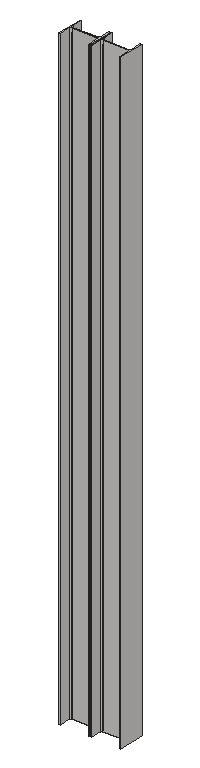
Revit family "Pilar_Aco_Dup_Dir", category Structural Columns, Revit 2025
Family settings
  Section Shape = Not Defined
  Material for Model Behavior = Other
  Always export as geometry = No
  Beam cutback in plan = From bounding box
  OmniClass Number = 23.25.30.11.14.11
  OmniClass Title = Columns
  Cut with Voids When Loaded = No
  Symbolic Representation = From Family
  Shared = No
  Show family pre-cut in plan views = Yes
Parameters
  Structural Material [instance] = Aço, 45-345
  Depth = 500 mm
  Width = 500 mm
Reference planes
  plane 1 "Center (Front/Back)": y = 0
  plane 2: z = 0
  plane 3 "Center (Left/Right)": x = 0
Dimensions and locks
  aligned and locked: level to plane 2
  aligned and locked: nested 1 to level  (x3)
  aligned and locked: level to nested 1
  aligned and locked: nested 2 to level  (x3)
  aligned and locked: level to nested 2
  aligned and locked: nested 2 to nested 1
Nested families
  nested 1: "Pilares W Gerdau" at (301.5, 0, 0) x (0, -1, 0) z (0, 0, 1), Structural Material <- "Structural Material", type "W610X217"
    with pm 217, Structural Material Aço, 45-345, pt 868000 mm, compr 4000 mm, Comprimento 4000 mm
  nested 2: "Pilares W Gerdau" at (100.5, 0, 0) x (0, -1, 0) z (0, 0, 1), Structural Material <- "Structural Material", type "W610X217"
    with pm 217, Structural Material Aço, 45-345, pt 868000 mm, compr 4000 mm, Comprimento 4000 mm
Definition of nested family "Pilares W Gerdau"
  Parameters (values of type "W200X35.9")
    tipo = "200x35.9"
    tip_secao = "W"
    tag = ""
    pt [instance] = compr * pm  # 89750 mm
    pm [instance] = Peso Nominal  # 35.9
    nome = "W200x35.9"
    material = "AÇO ASTM A572 - GR50"
    compr [instance] = Comprimento  # 2500 mm
    Peso Nominal = 35.9
    Width = 165 mm
    Web Thickness = 6.22 mm
    Web Fillet = 10 mm
    Warping Constant = 0.0000868 (stored number, unit not read)
    Torsional Moment of Inertia = 14.40 cm⁴
    Structural Material [instance] = none
    Comprimento [instance] = 2500 mm
    Section Name Key = "W8x24"
    Section Area = 45.7 cm²
    Plastic Modulus weak axis = 140.0 cm³
    Plastic Modulus strong axis = 379.0 cm³
    Perimeter = 3.3793 (stored number, unit not read)
    Nominal Weight = 35.8999 kgf/m
    Moment of Inertia weak axis = 762.00 cm⁴
    Moment of Inertia strong axis = 3440.00 cm⁴
    Height = 201 mm
    Flange Thickness = 10.2 mm
    Elastic Modulus weak axis = 92.3 cm³
    Elastic Modulus strong axis = 342.0 cm³
    Centroid Vertical = Height / 2  # 10.05 cm
    Centroid Horizontal = Width / 2  # 8.25 cm
    Assembly Code = ""
  Types (102, lengths in mm): name | tipo | pt | pm | nome | Peso Nominal | Width | Web Thickness | Web Fillet | Warping Constant | Torsional Moment of Inertia | Section Name Key | Section Area | Plastic Modulus weak axis | Plastic Modulus strong axis | Perimeter | Nominal Weight | Moment of Inertia weak axis | Moment of Inertia strong axis | Height | Flange Thickness | Elastic Modulus weak axis | Elastic Modulus strong axis | Centroid Vertical | Centroid Horizontal
    W200X35.9 | "200x35.9" | 89750 | 35.9 | "W200x35.9" | 35.9 | 165 | 6.22 | 10 | 0.0000868 (stored number, unit not read) | 14.40 cm⁴ | "W8x24" | 45.7 cm² | 140.0 cm³ | 379.0 cm³ | 3.3793 (stored number, unit not read) | 35.8999 kgf/m | 762.00 cm⁴ | 3440.00 cm⁴ | 201 | 10.2 | 92.3 cm³ | 342.0 cm³ | 10.05 cm | 8.25 cm
    W610X82 | "610x82" | 205000 | 82 | "W610x82" | 82 | 178 | 10 | 12.9 | 0.001297 (stored number, unit not read) | 49.10 cm⁴ | "W24x55" | 105.0 cm² | 218.0 cm³ | 2200.0 cm³ | 6.1352 (stored number, unit not read) | 81.9997 kgf/m | 1210.00 cm⁴ | 56200.00 cm⁴ | 599 | 12.8 | 136.0 cm³ | 1870.0 cm³ | 29.95 cm | 8.9 cm
    W610X92 | "610x92" | 230000 | 92 | "W610x92" | 92 | 179 | 10.9 | 12.7 | 0.0015464 (stored number, unit not read) | 71.20 cm⁴ | "W24x62" | 117.0 cm² | 257.0 cm³ | 2510.0 cm³ | 6.1352 (stored number, unit not read) | 91.9997 kgf/m | 1440.00 cm⁴ | 64500.00 cm⁴ | 602 | 15 | 161.0 cm³ | 2150.0 cm³ | 30.1 cm | 8.95 cm
    W610X101 | "610x101" | 252500 | 101 | "W610x101" | 101 | 228 | 10.5 | 12.8 | 0.0031552 (stored number, unit not read) | 77.80 cm⁴ | "W24x68" | 130.0 cm² | 401.0 cm³ | 2900.0 cm³ | 6.7913 (stored number, unit not read) | 101.00 kgf/m | 2930.00 cm⁴ | 76200.00 cm⁴ | 602 | 14.9 | 257.0 cm³ | 2520.0 cm³ | 30.1 cm | 11.4 cm
    W610X113 | "610x113" | 282500 | 113 | "W610x113" | 113 | 228 | 11.2 | 12.7 | 0.0037164 (stored number, unit not read) | 112.00 cm⁴ | "W24x76" | 145.0 cm² | 469.0 cm³ | 3280.0 cm³ | 6.8241 (stored number, unit not read) | 113.00 kgf/m | 3430.00 cm⁴ | 87400.00 cm⁴ | 607 | 17.3 | 302.0 cm³ | 2880.0 cm³ | 30.35 cm | 11.4 cm
    W610X125 | "610x125" | 312500 | 125 | "W610x125" | 125 | 229 | 11.9 | 12.7 | 0.0042901 (stored number, unit not read) | 154.00 cm⁴ | "W24x84" | 159.0 cm² | 534.0 cm³ | 3670.0 cm³ | 6.8898 (stored number, unit not read) | 125.00 kgf/m | 3930.00 cm⁴ | 98600.00 cm⁴ | 612 | 19.6 | 342.0 cm³ | 3210.0 cm³ | 30.6 cm | 11.45 cm
    W610X140 | "610x140" | 350000 | 140 | "W610x140" | 140 | 230 | 13.1 | 12.9 | 0.0050259 (stored number, unit not read) | 219.00 cm⁴ | "W24x94" | 179.0 cm² | 615.0 cm³ | 4160.0 cm³ | 6.9226 (stored number, unit not read) | 139.999 kgf/m | 4540.00 cm⁴ | 112000.00 cm⁴ | 617 | 22.2 | 393.0 cm³ | 3640.0 cm³ | 30.85 cm | 11.5 cm
    W610X153 | "610x153" | 382500 | 153 | "W610x153" | 153 | 229 | 14 | 12.7 | 0.0055622 (stored number, unit not read) | 294.00 cm⁴ | "W24x103" | 195.0 cm² | 680.0 cm³ | 4590.0 cm³ | 6.9226 (stored number, unit not read) | 152.999 kgf/m | 4950.00 cm⁴ | 125000.00 cm⁴ | 622 | 24.9 | 434.0 cm³ | 4010.0 cm³ | 31.1 cm | 11.45 cm
    W610X155 | "610x155" | 387500 | 155 | "W610x155" | 155 | 325 | 12.7 | 12.7 | 0.011785 (stored number, unit not read) | 196.00 cm⁴ | "W24x104" | 198.0 cm² | 1020.0 cm³ | 4740.0 cm³ | 8.1365 (stored number, unit not read) | 154.999 kgf/m | 10800.00 cm⁴ | 129000.00 cm⁴ | 612 | 19.1 | 667.0 cm³ | 4230.0 cm³ | 30.6 cm | 16.25 cm
    W610X174 | "610x174" | 435000 | 174 | "W610x174" | 174 | 325 | 14 | 12.7 | 0.013718 (stored number, unit not read) | 280.00 cm⁴ | "W24x117" | 222.0 cm² | 1170.0 cm³ | 5360.0 cm³ | 8.1365 (stored number, unit not read) | 173.999 kgf/m | 12400.00 cm⁴ | 147000.00 cm⁴ | 617 | 21.6 | 762.0 cm³ | 4770.0 cm³ | 30.85 cm | 16.25 cm
    W610X195 | "610x195" | 487500 | 195 | "W610x195" | 195 | 328 | 15.4 | 12.7 | 0.015714 (stored number, unit not read) | 395.00 cm⁴ | "W24x131" | 249.0 cm² | 1340.0 cm³ | 6060.0 cm³ | 8.2021 (stored number, unit not read) | 194.999 kgf/m | 14200.00 cm⁴ | 167000.00 cm⁴ | 622 | 24.4 | 869.0 cm³ | 5390.0 cm³ | 31.1 cm | 16.4 cm
    W610X217 | "610x217" | 542500 | 217 | "W610x217" | 217 | 328 | 16.5 | 12.7 | 0.018333 (stored number, unit not read) | 558.00 cm⁴ | "W24x146" | 277.0 cm² | 1530.0 cm³ | 6850.0 cm³ | 8.2349 (stored number, unit not read) | 216.999 kgf/m | 16300.00 cm⁴ | 191000.00 cm⁴ | 627 | 27.7 | 991.0 cm³ | 6080.0 cm³ | 31.35 cm | 16.4 cm
    W530X66 | "530x66" | 165000 | 66 | "W530x66" | 66 | 165 | 8.89 | 12.7 | 0.00070712 (stored number, unit not read) | 32.00 cm⁴ | "W21x44" | 83.9 cm² | 167.0 cm³ | 1560.0 cm³ | 5.479 (stored number, unit not read) | 65.9998 kgf/m | 862.00 cm⁴ | 35100.00 cm⁴ | 526 | 11.4 | 104.0 cm³ | 1340.0 cm³ | 26.3 cm | 8.25 cm
    W530X72 | "530x72" | 180000 | 72 | "W530x72" | 72 | 207 | 8.89 | 12.7 | 0.001322 (stored number, unit not read) | 33.40 cm⁴ | "W21x48" | 91.0 cm² | 244.0 cm³ | 1750.0 cm³ | 6.0039 (stored number, unit not read) | 71.9997 kgf/m | 1610.00 cm⁴ | 39900.00 cm⁴ | 523 | 10.9 | 156.0 cm³ | 1520.0 cm³ | 26.15 cm | 10.35 cm
    W530X74 | "530x74" | 185000 | 74 | "W530x74" | 74 | 166 | 9.65 | 12.8 | 0.00086052 (stored number, unit not read) | 47.50 cm⁴ | "W21x50" | 94.8 cm² | 200.0 cm³ | 1800.0 cm³ | 5.5118 (stored number, unit not read) | 73.9997 kgf/m | 1040.00 cm⁴ | 41000.00 cm⁴ | 528 | 13.6 | 125.0 cm³ | 1550.0 cm³ | 26.4 cm | 8.3 cm
    W530X82 | "530x82" | 205000 | 82 | "W530x82" | 82 | 209 | 9.53 | 12.6 | 0.0016711 (stored number, unit not read) | 51.60 cm⁴ | "W21x55" | 105.0 cm² | 302.0 cm³ | 2060.0 cm³ | 6.0696 (stored number, unit not read) | 81.9997 kgf/m | 2010.00 cm⁴ | 47500.00 cm⁴ | 528 | 13.3 | 193.0 cm³ | 1800.0 cm³ | 26.4 cm | 10.45 cm
    W530X85 | "530x85" | 212500 | 85 | "W530x85" | 85 | 167 | 10.3 | 12.7 | 0.0010688 (stored number, unit not read) | 73.70 cm⁴ | "W21x57" | 108.0 cm² | 243.0 cm³ | 2110.0 cm³ | 5.5774 (stored number, unit not read) | 84.9997 kgf/m | 1270.00 cm⁴ | 48700.00 cm⁴ | 536 | 16.5 | 153.0 cm³ | 1820.0 cm³ | 26.8 cm | 8.35 cm
    W530X92 | "530x92" | 230000 | 92 | "W530x92" | 92 | 209 | 10.2 | 12.8 | 0.0019954 (stored number, unit not read) | 76.20 cm⁴ | "W21x62" | 118.0 cm² | 356.0 cm³ | 2360.0 cm³ | 6.1024 (stored number, unit not read) | 91.9997 kgf/m | 2390.00 cm⁴ | 55400.00 cm⁴ | 533 | 15.6 | 229.0 cm³ | 2080.0 cm³ | 26.65 cm | 10.45 cm
    W530X101 | "530x101" | 252500 | 101 | "W530x101" | 101 | 210 | 10.9 | 12.8 | 0.0022698 (stored number, unit not read) | 102.00 cm⁴ | "W21x68" | 129.0 cm² | 400.0 cm³ | 2620.0 cm³ | 6.1352 (stored number, unit not read) | 101.00 kgf/m | 2690.00 cm⁴ | 61600.00 cm⁴ | 536 | 17.4 | 257.0 cm³ | 2290.0 cm³ | 26.8 cm | 10.5 cm
    W530X109 | "530x109" | 272500 | 109 | "W530x109" | 109 | 211 | 11.6 | 12.7 | 0.0024818 (stored number, unit not read) | 126.00 cm⁴ | "W21x73" | 139.0 cm² | 436.0 cm³ | 2820.0 cm³ | 6.1352 (stored number, unit not read) | 109.00 kgf/m | 2940.00 cm⁴ | 66600.00 cm⁴ | 538 | 18.8 | 279.0 cm³ | 2470.0 cm³ | 26.9 cm | 10.55 cm
    W530X123 | "530x123" | 307500 | 123 | "W530x123" | 123 | 212 | 13.1 | 12.8 | 0.0028933 (stored number, unit not read) | 181.00 cm⁴ | "W21x83" | 157.0 cm² | 500.0 cm³ | 3210.0 cm³ | 6.2008 (stored number, unit not read) | 123.00 kgf/m | 3390.00 cm⁴ | 76200.00 cm⁴ | 544 | 21.2 | 320.0 cm³ | 2800.0 cm³ | 27.2 cm | 10.6 cm
    W530X138 | "530x138" | 345000 | 138 | "W530x138" | 138 | 214 | 14.7 | 12.7 | 0.0033298 (stored number, unit not read) | 251.00 cm⁴ | "W21x93" | 176.0 cm² | 569.0 cm³ | 3620.0 cm³ | 6.2336 (stored number, unit not read) | 137.999 kgf/m | 3870.00 cm⁴ | 86200.00 cm⁴ | 549 | 23.6 | 362.0 cm³ | 3150.0 cm³ | 27.45 cm | 10.7 cm
    W460X52 | "460x52" | 130000 | 52 | "W460x52" | 52 | 152 | 7.62 | 10.2 | 0.00038162 (stored number, unit not read) | 21.10 cm⁴ | "W18x35" | 66.5 cm² | 132.0 cm³ | 1090.0 cm³ | 4.8556 (stored number, unit not read) | 51.9998 kgf/m | 637.00 cm⁴ | 21200.00 cm⁴ | 450 | 10.8 | 83.9 cm³ | 944.0 cm³ | 22.5 cm | 7.6 cm
    W460X60 | "460x60" | 150000 | 60 | "W460x60" | 60 | 153 | 8 | 10.2 | 0.00048264 (stored number, unit not read) | 33.70 cm⁴ | "W18x40" | 76.1 cm² | 164.0 cm³ | 1280.0 cm³ | 4.8885 (stored number, unit not read) | 59.9998 kgf/m | 795.00 cm⁴ | 25500.00 cm⁴ | 455 | 13.3 | 104.0 cm³ | 1120.0 cm³ | 22.75 cm | 7.65 cm
    W460X68 | "460x68" | 170000 | 68 | "W460x68" | 68 | 154 | 9.14 | 10.3 | 0.00057617 (stored number, unit not read) | 50.80 cm⁴ | "W18x46" | 87.1 cm² | 192.0 cm³ | 1490.0 cm³ | 4.9213 (stored number, unit not read) | 67.9997 kgf/m | 937.00 cm⁴ | 29600.00 cm⁴ | 460 | 15.4 | 122.0 cm³ | 1290.0 cm³ | 23.0 cm | 7.7 cm
    W460X74 | "460x74" | 185000 | 74 | "W460x74" | 74 | 191 | 9.02 | 10.2 | 0.0010177 (stored number, unit not read) | 51.60 cm⁴ | "W18x50" | 94.8 cm² | 272.0 cm³ | 1660.0 cm³ | 5.3806 (stored number, unit not read) | 73.9997 kgf/m | 1670.00 cm⁴ | 33300.00 cm⁴ | 457 | 14.5 | 175.0 cm³ | 1460.0 cm³ | 22.85 cm | 9.55 cm
    W460X82 | "460x82" | 205000 | 82 | "W460x82" | 82 | 191 | 9.91 | 10.2 | 0.0011486 (stored number, unit not read) | 69.10 cm⁴ | "W18x55" | 105.0 cm² | 303.0 cm³ | 1840.0 cm³ | 5.4134 (stored number, unit not read) | 81.9997 kgf/m | 1870.00 cm⁴ | 37000.00 cm⁴ | 460 | 16 | 195.0 cm³ | 1610.0 cm³ | 23.0 cm | 9.55 cm
    W460X89 | "460x89" | 222500 | 89 | "W460x89" | 89 | 192 | 10.5 | 10.2 | 0.0012845 (stored number, unit not read) | 90.30 cm⁴ | "W18x60" | 114.0 cm² | 338.0 cm³ | 2020.0 cm³ | 5.4134 (stored number, unit not read) | 88.9997 kgf/m | 2090.00 cm⁴ | 41000.00 cm⁴ | 462 | 17.7 | 218.0 cm³ | 1770.0 cm³ | 23.1 cm | 9.6 cm
    W460X97 | "460x97" | 242500 | 97 | "W460x97" | 97 | 193 | 11.4 | 10.1 | 0.0014217 (stored number, unit not read) | 114.00 cm⁴ | "W18x65" | 123.0 cm² | 369.0 cm³ | 2180.0 cm³ | 5.479 (stored number, unit not read) | 96.9996 kgf/m | 2280.00 cm⁴ | 44500.00 cm⁴ | 467 | 19.1 | 236.0 cm³ | 1920.0 cm³ | 23.35 cm | 9.65 cm
    W460X106 | "460x106" | 265000 | 106 | "W460x106" | 106 | 194 | 12.6 | 10.1 | 0.0015714 (stored number, unit not read) | 145.00 cm⁴ | "W18x71" | 135.0 cm² | 405.0 cm³ | 2390.0 cm³ | 5.479 (stored number, unit not read) | 106.00 kgf/m | 2510.00 cm⁴ | 48700.00 cm⁴ | 470 | 20.6 | 259.0 cm³ | 2080.0 cm³ | 23.5 cm | 9.7 cm
    W410X38.8 | "410x38.8" | 97000 | 38.8 | "W410x38.8" | 38.8 | 140 | 6.35 | 10.24 | 0.00018956 (stored number, unit not read) | 10.90 cm⁴ | "W16x26" | 49.5 cm² | 89.8 cm³ | 724.0 cm³ | 4.3635 (stored number, unit not read) | 38.7999 kgf/m | 399.00 cm⁴ | 12500.00 cm⁴ | 399 | 8.76 | 57.2 cm³ | 629.0 cm³ | 19.95 cm | 7.0 cm
    W410X46.1 | "410x46.1" | 115250 | 46.1 | "W410x46.1" | 46.1 | 140 | 6.99 | 10.2 | 0.00024693 (stored number, unit not read) | 19.20 cm⁴ | "W16x31" | 58.9 cm² | 115.0 cm³ | 885.0 cm³ | 4.3963 (stored number, unit not read) | 46.0998 kgf/m | 516.00 cm⁴ | 15600.00 cm⁴ | 404 | 11.2 | 73.6 cm³ | 773.0 cm³ | 20.2 cm | 7.0 cm
    W410X53 | "410x53" | 132500 | 53 | "W410x53" | 53 | 178 | 7.49 | 10.2 | 0.00048887 (stored number, unit not read) | 22.70 cm⁴ | "W16x36" | 68.4 cm² | 177.0 cm³ | 1050.0 cm³ | 4.8885 (stored number, unit not read) | 52.9998 kgf/m | 1020.00 cm⁴ | 18600.00 cm⁴ | 404 | 10.9 | 115.0 cm³ | 926.0 cm³ | 20.2 cm | 8.9 cm
    W410X60 | "410x60" | 150000 | 60 | "W410x60" | 60 | 178 | 7.75 | 10.2 | 0.00057991 (stored number, unit not read) | 33.00 cm⁴ | "W16x40" | 76.1 cm² | 208.0 cm³ | 1200.0 cm³ | 4.8885 (stored number, unit not read) | 59.9998 kgf/m | 1200.00 cm⁴ | 21600.00 cm⁴ | 406 | 12.8 | 135.0 cm³ | 1060.0 cm³ | 20.3 cm | 8.9 cm
    W410X67 | "410x67" | 167500 | 67 | "W410x67" | 67 | 179 | 8.76 | 10.2 | 0.00066597 (stored number, unit not read) | 46.20 cm⁴ | "W16x45" | 85.8 cm² | 238.0 cm³ | 1350.0 cm³ | 4.9213 (stored number, unit not read) | 66.9998 kgf/m | 1370.00 cm⁴ | 24400.00 cm⁴ | 409 | 14.4 | 153.0 cm³ | 1190.0 cm³ | 20.45 cm | 8.95 cm
    W410X75 | "410x75" | 187500 | 75 | "W410x75" | 75 | 180 | 9.65 | 10.2 | 0.00076075 (stored number, unit not read) | 63.30 cm⁴ | "W16x50" | 94.8 cm² | 267.0 cm³ | 1510.0 cm³ | 4.9541 (stored number, unit not read) | 74.9997 kgf/m | 1550.00 cm⁴ | 27400.00 cm⁴ | 414 | 16 | 172.0 cm³ | 1330.0 cm³ | 20.7 cm | 9.0 cm
    W410X85 | "410x85" | 212500 | 85 | "W410x85" | 85 | 181 | 10.9 | 10.2 | 0.00089045 (stored number, unit not read) | 92.40 cm⁴ | "W16x57" | 108.0 cm² | 310.0 cm³ | 1720.0 cm³ | 4.9869 (stored number, unit not read) | 84.9997 kgf/m | 1790.00 cm⁴ | 31600.00 cm⁴ | 417 | 18.2 | 198.0 cm³ | 1510.0 cm³ | 20.85 cm | 9.05 cm
    W360X32.9 | "360x32.9" | 82250 | 32.9 | "W360x32.9" | 32.9 | 127 | 5.84 | 10.19 | 0.00010513 (stored number, unit not read) | 8.66 cm⁴ | "W14x22" | 41.9 cm² | 71.9 cm³ | 544.0 cm³ | 3.8714 (stored number, unit not read) | 32.8999 kgf/m | 291.00 cm⁴ | 8280.00 cm⁴ | 348 | 8.51 | 45.9 cm³ | 475.0 cm³ | 17.4 cm | 6.35 cm
    W360X39 | "360x39" | 97500 | 39 | "W360x39" | 39 | 128 | 6.48 | 10.1 | 0.00013594 (stored number, unit not read) | 14.90 cm⁴ | "W14x26" | 49.6 cm² | 90.8 cm³ | 659.0 cm³ | 3.9042 (stored number, unit not read) | 38.9999 kgf/m | 371.00 cm⁴ | 10200.00 cm⁴ | 353 | 10.7 | 58.2 cm³ | 578.0 cm³ | 17.65 cm | 6.4 cm
    W360X44 | "360x44" | 110000 | 44 | "W360x44" | 44 | 171 | 6.86 | 10.12 | 0.00026439 (stored number, unit not read) | 24.30 cm⁴ | "W14x30" | 57.1 cm² | 147.0 cm³ | 775.0 cm³ | 4.4291 (stored number, unit not read) | 43.9998 kgf/m | 1520.00 cm⁴ | 7120.00 cm⁴ | 351 | 11 | 151.0 cm³ | 574.0 cm³ | 17.55 cm | 8.55 cm
    W360X51 | "360x51" | 127500 | 51 | "W360x51" | 51 | 171 | 7.24 | 10.1 | 0.00035793 (stored number, unit not read) | 23.70 cm⁴ | "W14x34" | 64.5 cm² | 174.0 cm³ | 895.0 cm³ | 4.4619 (stored number, unit not read) | 50.9998 kgf/m | 970.00 cm⁴ | 14200.00 cm⁴ | 356 | 11.6 | 113.0 cm³ | 796.0 cm³ | 17.8 cm | 8.55 cm
    W360X57.8 | "360x57.8" | 144500 | 57.8 | "W360x57.8" | 57.8 | 172 | 7.87 | 10.1 | 0.00041155 (stored number, unit not read) | 33.20 cm⁴ | "W14x38" | 72.3 cm² | 198.0 cm³ | 1010.0 cm³ | 4.4948 (stored number, unit not read) | 57.7998 kgf/m | 1110.00 cm⁴ | 16000.00 cm⁴ | 358 | 13.1 | 129.0 cm³ | 895.0 cm³ | 17.9 cm | 8.6 cm
    W360X64 | "360x64" | 160000 | 64 | "W360x64" | 64 | 203 | 7.75 | 14.9 | 0.00065349 (stored number, unit not read) | 43.70 cm⁴ | "W14x43" | 81.3 cm² | 283.0 cm³ | 1140.0 cm³ | 4.8228 (stored number, unit not read) | 63.9998 kgf/m | 1880.00 cm⁴ | 17800.00 cm⁴ | 348 | 13.5 | 185.0 cm³ | 1030.0 cm³ | 17.4 cm | 10.15 cm
    W360X72 | "360x72" | 180000 | 72 | "W360x72" | 72 | 204 | 8.64 | 15.1 | 0.00075077 (stored number, unit not read) | 60.40 cm⁴ | "W14x48" | 91.0 cm² | 321.0 cm³ | 1280.0 cm³ | 4.8228 (stored number, unit not read) | 71.9997 kgf/m | 2140.00 cm⁴ | 20100.00 cm⁴ | 351 | 15.1 | 210.0 cm³ | 1150.0 cm³ | 17.55 cm | 10.2 cm
    W360X79 | "360x79" | 197500 | 79 | "W360x79" | 79 | 205 | 9.4 | 15 | 0.00085054 (stored number, unit not read) | 80.70 cm⁴ | "W14x53" | 101.0 cm² | 361.0 cm³ | 1430.0 cm³ | 4.8556 (stored number, unit not read) | 78.9997 kgf/m | 2400.00 cm⁴ | 22500.00 cm⁴ | 353 | 16.8 | 234.0 cm³ | 1270.0 cm³ | 17.65 cm | 10.25 cm
    W360X91 | "360x91" | 227500 | 91 | "W360x91" | 91 | 254 | 9.53 | 15.1 | 0.0015714 (stored number, unit not read) | 91.20 cm⁴ | "W14x61" | 115.0 cm² | 537.0 cm³ | 1670.0 cm³ | 5.5118 (stored number, unit not read) | 90.9997 kgf/m | 4450.00 cm⁴ | 26600.00 cm⁴ | 353 | 16.4 | 352.0 cm³ | 1510.0 cm³ | 17.65 cm | 12.7 cm
    W360X101 | "360x101" | 252500 | 101 | "W360x101" | 101 | 254 | 10.5 | 15 | 0.0017959 (stored number, unit not read) | 125.00 cm⁴ | "W14x68" | 129.0 cm² | 605.0 cm³ | 1880.0 cm³ | 5.5118 (stored number, unit not read) | 101.00 kgf/m | 5040.00 cm⁴ | 30100.00 cm⁴ | 356 | 18.3 | 397.0 cm³ | 1690.0 cm³ | 17.8 cm | 12.7 cm
    W360X110 | "360x110" | 275000 | 110 | "W360x110" | 110 | 257 | 11.4 | 15.2 | 0.0020079 (stored number, unit not read) | 161.00 cm⁴ | "W14x74" | 141.0 cm² | 664.0 cm³ | 2060.0 cm³ | 5.5774 (stored number, unit not read) | 110.00 kgf/m | 5580.00 cm⁴ | 33100.00 cm⁴ | 361 | 19.9 | 436.0 cm³ | 1840.0 cm³ | 18.05 cm | 12.85 cm
    W360X122 | "360x122" | 305000 | 122 | "W360x122" | 122 | 257 | 13 | 15.1 | 0.0022448 (stored number, unit not read) | 211.00 cm⁴ | "W14x82" | 155.0 cm² | 734.0 cm³ | 2280.0 cm³ | 5.5774 (stored number, unit not read) | 122.00 kgf/m | 6160.00 cm⁴ | 36700.00 cm⁴ | 363 | 21.7 | 480.0 cm³ | 2020.0 cm³ | 18.15 cm | 12.85 cm
    W310X21 | "310x21" | 52500 | 21 | "W310x21" | 21 | 101 | 5.08 | 7.58 | 0.000026938 (stored number, unit not read) | 2.93 cm⁴ | "W12x14" | 26.8 cm² | 31.1 cm³ | 285.0 cm³ | 3.2349 (stored number, unit not read) | 20.9999 kgf/m | 98.20 cm⁴ | 3690.00 cm⁴ | 302 | 5.72 | 19.5 cm³ | 244.0 cm³ | 15.1 cm | 5.05 cm
    W310X23.8 | "310x23.8" | 59500 | 23.8 | "W310x23.8" | 23.8 | 101 | 5.59 | 7.67 | 0.000032425 (stored number, unit not read) | 4.29 cm⁴ | "W12x16" | 30.4 cm² | 37.0 cm³ | 329.0 cm³ | 3.2513 (stored number, unit not read) | 23.7999 kgf/m | 117.00 cm⁴ | 4290.00 cm⁴ | 305 | 6.73 | 23.1 cm³ | 280.0 cm³ | 15.25 cm | 5.05 cm
    W310X28.3 | "310x28.3" | 70750 | 28.3 | "W310x28.3" | 28.3 | 102 | 5.97 | 7.61 | 0.000043899 (stored number, unit not read) | 7.49 cm⁴ | "W12x19" | 35.9 cm² | 48.8 cm³ | 405.0 cm³ | 3.2808 (stored number, unit not read) | 28.2999 kgf/m | 157.00 cm⁴ | 5410.00 cm⁴ | 310 | 8.89 | 30.8 cm³ | 349.0 cm³ | 15.5 cm | 5.1 cm
    W310X32.7 | "W310x32.7" | 81750 | 32.7 | "W310x32.7" | 32.7 | 102 | 6.6 | 7.6 | 0.000054874 (stored number, unit not read) | 12.20 cm⁴ | "W12x22" | 41.8 cm² | 60.0 cm³ | 480.0 cm³ | 3.3136 (stored number, unit not read) | 32.6999 kgf/m | 194.00 cm⁴ | 6490.00 cm⁴ | 312 | 10.8 | 37.9 cm³ | 416.0 cm³ | 15.6 cm | 5.1 cm
    W310X38.7 | "310x38.7" | 96750 | 38.7 | "W310x38.7" | 38.7 | 165 | 5.84 | 7.65 | 0.00020328 (stored number, unit not read) | 12.50 cm⁴ | "W12x26" | 49.4 cm² | 134.0 cm³ | 610.0 cm³ | 4.101 (stored number, unit not read) | 38.6999 kgf/m | 720.00 cm⁴ | 8490.00 cm⁴ | 310 | 9.65 | 87.5 cm³ | 547.0 cm³ | 15.5 cm | 8.25 cm
    W310X44.5 | "310x44.5" | 111250 | 44.5 | "W310x44.5" | 44.5 | 166 | 6.6 | 7.6 | 0.0002407 (stored number, unit not read) | 19.00 cm⁴ | "W12x30" | 56.7 cm² | 157.0 cm³ | 706.0 cm³ | 4.1339 (stored number, unit not read) | 44.4998 kgf/m | 845.00 cm⁴ | 9910.00 cm⁴ | 312 | 11.2 | 102.0 cm³ | 633.0 cm³ | 15.6 cm | 8.3 cm
    W310X52 | "310x52" | 130000 | 52 | "W310x52" | 52 | 167 | 7.62 | 7.6 | 0.00029432 (stored number, unit not read) | 30.80 cm⁴ | "W12x35" | 66.5 cm² | 188.0 cm³ | 839.0 cm³ | 4.1667 (stored number, unit not read) | 51.9998 kgf/m | 1020.00 cm⁴ | 11900.00 cm⁴ | 318 | 13.2 | 122.0 cm³ | 747.0 cm³ | 15.9 cm | 8.35 cm
    W310X60* | "310x60*" | 150000 | 60 | "W310x60*" | 60 | 203 | 7.5 | 6.35 | 0.000000479 (stored number, unit not read) | 40.46 cm⁴ | "W12x40" | 0.761 cm² | 275.4 cm³ | 944.3 cm³ | 4.5276 (stored number, unit not read) | 59.9998 kgf/m | 1829.00 cm⁴ | 12908.00 cm⁴ | 303 | 13.1 | 180.2 cm³ | 852.0 cm³ | 15.15 cm | 10.15 cm
    W310X67* | "310x67*" | 167500 | 67 | "W310x67*" | 67 | 204 | 8.5 | 6.35 | 0.000000547 (stored number, unit not read) | 55.35 cm⁴ | "W12x45" | 0.853 cm² | 310.5 cm³ | 1060.4 cm³ | 4.5276 (stored number, unit not read) | 66.9998 kgf/m | 2069.00 cm⁴ | 14559.00 cm⁴ | 306 | 14.6 | 202.8 cm³ | 951.5 cm³ | 15.3 cm | 10.2 cm
    W310X74* | "310x74" | 185000 | 74 | "W310x74*" | 74 | 205 | 9.4 | 6.35 | 0.000000629 (stored number, unit not read) | 75.51 cm⁴ | "W12x50" | 0.951 cm² | 350.5 cm³ | 1192.0 cm³ | 4.5604 (stored number, unit not read) | 73.9997 kgf/m | 2344.00 cm⁴ | 16501.00 cm⁴ | 310 | 16.3 | 228.7 cm³ | 1064.6 cm³ | 15.5 cm | 10.25 cm
    W310X79 | "310x79" | 197500 | 79 | "W310x79" | 79 | 254 | 8.76 | 15.4 | 0.0010588 (stored number, unit not read) | 65.80 cm⁴ | "W12x53" | 101.0 cm² | 477.0 cm³ | 1280.0 cm³ | 5.2165 (stored number, unit not read) | 78.9997 kgf/m | 3990.00 cm⁴ | 17700.00 cm⁴ | 307 | 14.6 | 315.0 cm³ | 1160.0 cm³ | 15.35 cm | 12.7 cm
    W310X97 | "310x97" | 242500 | 97 | "W310x97" | 97 | 305 | 9.91 | 15.1 | 0.001933 (stored number, unit not read) | 90.70 cm⁴ | "W12x65" | 123.0 cm² | 723.0 cm³ | 1590.0 cm³ | 5.8727 (stored number, unit not read) | 96.9996 kgf/m | 7240.00 cm⁴ | 22200.00 cm⁴ | 307 | 15.4 | 477.0 cm³ | 1440.0 cm³ | 15.35 cm | 15.25 cm
    W310X107 | "310x107" | 267500 | 107 | "W310x107" | 107 | 305 | 10.9 | 15.3 | 0.0021949 (stored number, unit not read) | 122.00 cm⁴ | "W12x72" | 136.0 cm² | 806.0 cm³ | 1770.0 cm³ | 5.9055 (stored number, unit not read) | 107.00 kgf/m | 8120.00 cm⁴ | 24800.00 cm⁴ | 312 | 17 | 531.0 cm³ | 1600.0 cm³ | 15.6 cm | 15.25 cm
    W310X117 | "310x117" | 292500 | 117 | "W310x117" | 117 | 307 | 11.9 | 15.1 | 0.0024568 (stored number, unit not read) | 160.00 cm⁴ | "W12x79" | 150.0 cm² | 890.0 cm³ | 1950.0 cm³ | 5.9383 (stored number, unit not read) | 117.00 kgf/m | 8990.00 cm⁴ | 27600.00 cm⁴ | 315 | 18.7 | 587.0 cm³ | 1750.0 cm³ | 15.75 cm | 15.35 cm
    W310X129 | "310x129" | 322500 | 129 | "W310x129" | 129 | 307 | 13.1 | 15.2 | 0.0027686 (stored number, unit not read) | 212.00 cm⁴ | "W12x87" | 165.0 cm² | 990.0 cm³ | 2160.0 cm³ | 5.9383 (stored number, unit not read) | 129.00 kgf/m | 10000.00 cm⁴ | 30800.00 cm⁴ | 318 | 20.6 | 651.0 cm³ | 1930.0 cm³ | 15.9 cm | 15.35 cm
    W310X143 | "310x143" | 357500 | 143 | "W310x143" | 143 | 310 | 14 | 15.2 | 0.0031552 (stored number, unit not read) | 285.00 cm⁴ | "W12x96" | 182.0 cm² | 1110.0 cm³ | 2410.0 cm³ | 6.0039 (stored number, unit not read) | 142.999 kgf/m | 11200.00 cm⁴ | 34700.00 cm⁴ | 323 | 22.9 | 728.0 cm³ | 2150.0 cm³ | 16.15 cm | 15.5 cm
    W310X158 | "310x158" | 395000 | 158 | "W310x158" | 158 | 310 | 15.5 | 15.3 | 0.0035793 (stored number, unit not read) | 380.00 cm⁴ | "W12x106" | 201.0 cm² | 1230.0 cm³ | 2690.0 cm³ | 6.0367 (stored number, unit not read) | 157.999 kgf/m | 12500.00 cm⁴ | 38800.00 cm⁴ | 328 | 25.1 | 808.0 cm³ | 2380.0 cm³ | 16.4 cm | 15.5 cm
    W310X179 | "310x179" | 447500 | 179 | "W310x179" | 179 | 312 | 18 | 15 | 0.0041529 (stored number, unit not read) | 537.00 cm⁴ | "W12x120" | 227.0 cm² | 1400.0 cm³ | 3050.0 cm³ | 6.0696 (stored number, unit not read) | 178.999 kgf/m | 14400.00 cm⁴ | 44500.00 cm⁴ | 333 | 28.2 | 918.0 cm³ | 2670.0 cm³ | 16.65 cm | 15.6 cm
    W310X202 | "310x202" | 505000 | 202 | "W310x202" | 202 | 315 | 20.1 | 15.2 | 0.0049261 (stored number, unit not read) | 770.00 cm⁴ | "W12x136" | 257.0 cm² | 1610.0 cm³ | 3510.0 cm³ | 6.1352 (stored number, unit not read) | 201.999 kgf/m | 16600.00 cm⁴ | 51600.00 cm⁴ | 340 | 31.8 | 1050.0 cm³ | 3050.0 cm³ | 17.0 cm | 15.75 cm
    W250X17.9 | "250x17.9" | 44750 | 17.9 | "W250x17.9" | 17.9 | 101 | 4.83 | 7.67 | 0.000017086 (stored number, unit not read) | 2.28 cm⁴ | "W10x12" | 22.8 cm² | 28.5 cm³ | 206.0 cm³ | 2.8904 (stored number, unit not read) | 17.8999 kgf/m | 90.70 cm⁴ | 2240.00 cm⁴ | 251 | 5.33 | 18.0 cm³ | 179.0 cm³ | 12.55 cm | 5.05 cm
    W250X22.3 | "250x22.3" | 55750 | 22.3 | "W250x22.3" | 22.3 | 102 | 5.84 | 7.64 | 0.000022822 (stored number, unit not read) | 4.33 cm⁴ | "W10x15" | 28.5 cm² | 37.7 cm³ | 262.0 cm³ | 2.9167 (stored number, unit not read) | 22.2999 kgf/m | 120.00 cm⁴ | 2870.00 cm⁴ | 254 | 6.86 | 23.8 cm³ | 226.0 cm³ | 12.7 cm | 5.1 cm
    W250X25.3 | "250x25.3" | 130750 | 52.3 | "W250x25.3" | 52.3 | 102 | 6.1 | 7.62 | 0.000028559 (stored number, unit not read) | 6.49 cm⁴ | "W10x17" | 32.2 cm² | 45.9 cm³ | 306.0 cm³ | 2.9331 (stored number, unit not read) | 25.2999 kgf/m | 148.00 cm⁴ | 3410.00 cm⁴ | 257 | 8.38 | 29.2 cm³ | 265.0 cm³ | 12.85 cm | 5.1 cm
    W250X28.4 | "250x28.4" | 71000 | 28.4 | "W250x28.4" | 28.4 | 102 | 6.35 | 7.7 | 0.000034795 (stored number, unit not read) | 9.70 cm⁴ | "W10x19" | 36.3 cm² | 54.9 cm³ | 354.0 cm³ | 2.9593 (stored number, unit not read) | 28.3999 kgf/m | 179.00 cm⁴ | 4010.00 cm⁴ | 259 | 10 | 35.1 cm³ | 308.0 cm³ | 12.95 cm | 5.1 cm
    W250X32.7 | "250x32.7" | 81750 | 32.7 | "W250x32.7" | 32.7 | 146 | 6.1 | 7.66 | 0.000092038 (stored number, unit not read) | 9.95 cm⁴ | "W10x22" | 41.9 cm² | 100.0 cm³ | 426.0 cm³ | 3.5433 (stored number, unit not read) | 32.6999 kgf/m | 475.00 cm⁴ | 4910.00 cm⁴ | 259 | 9.14 | 65.1 cm³ | 380.0 cm³ | 12.95 cm | 7.3 cm
    W250X38.5 | "250x38.5" | 96250 | 38.5 | "W250x38.5" | 38.5 | 147 | 6.6 | 7.6 | 0.00011548 (stored number, unit not read) | 16.70 cm⁴ | "W10x26" | 49.1 cm² | 123.0 cm³ | 513.0 cm³ | 3.5433 (stored number, unit not read) | 38.4999 kgf/m | 587.00 cm⁴ | 5990.00 cm⁴ | 262 | 11.2 | 80.1 cm³ | 457.0 cm³ | 13.1 cm | 7.35 cm
    W250X44.8 | "250x44.8" | 112000 | 44.8 | "W250x44.8" | 44.8 | 148 | 7.62 | 7.6 | 0.00013843 (stored number, unit not read) | 25.90 cm⁴ | "W10x30" | 57.0 cm² | 145.0 cm³ | 600.0 cm³ | 3.5761 (stored number, unit not read) | 44.7998 kgf/m | 695.00 cm⁴ | 7080.00 cm⁴ | 267 | 13 | 94.2 cm³ | 531.0 cm³ | 13.35 cm | 7.4 cm
    W250X73 | "250x73" | 182500 | 73 | "W250x73" | 73 | 254 | 8.64 | 12.7 | 0.0006934 (stored number, unit not read) | 57.90 cm⁴ | "W10x49" | 92.9 cm² | 464.0 cm³ | 990.0 cm³ | 4.8885 (stored number, unit not read) | 72.9997 kgf/m | 3890.00 cm⁴ | 11300.00 cm⁴ | 254 | 14.2 | 306.0 cm³ | 895.0 cm³ | 12.7 cm | 12.7 cm
    W250X80 | "250x80" | 200000 | 80 | "W250x80" | 80 | 254 | 9.4 | 12.8 | 0.00077696 (stored number, unit not read) | 75.80 cm⁴ | "W10x54" | 102.0 cm² | 513.0 cm³ | 1090.0 cm³ | 4.8885 (stored number, unit not read) | 79.9997 kgf/m | 4290.00 cm⁴ | 12600.00 cm⁴ | 257 | 15.6 | 338.0 cm³ | 983.0 cm³ | 12.85 cm | 12.7 cm
    W250X89 | "250x89" | 222500 | 89 | "W250x89" | 89 | 257 | 10.7 | 12.7 | 0.00088421 (stored number, unit not read) | 103.00 cm⁴ | "W10x60" | 114.0 cm² | 574.0 cm³ | 1220.0 cm³ | 4.9213 (stored number, unit not read) | 88.9997 kgf/m | 4830.00 cm⁴ | 14200.00 cm⁴ | 259 | 17.3 | 377.0 cm³ | 1090.0 cm³ | 12.95 cm | 12.85 cm
    W250X101 | "250x101" | 252500 | 101 | "W250x101" | 101 | 257 | 11.9 | 12.7 | 0.0010376 (stored number, unit not read) | 148.00 cm⁴ | "W10x68" | 128.0 cm² | 657.0 cm³ | 1400.0 cm³ | 4.9541 (stored number, unit not read) | 101.00 kgf/m | 5580.00 cm⁴ | 16400.00 cm⁴ | 264 | 19.6 | 433.0 cm³ | 1240.0 cm³ | 13.2 cm | 12.85 cm
    W250X115 | "250x115" | 287500 | 115 | "W250x115" | 115 | 259 | 13.5 | 12.7 | 0.0012159 (stored number, unit not read) | 213.00 cm⁴ | "W10x77" | 146.0 cm² | 752.0 cm³ | 1600.0 cm³ | 5.0197 (stored number, unit not read) | 115.00 kgf/m | 6410.00 cm⁴ | 18900.00 cm⁴ | 269 | 22.1 | 493.0 cm³ | 1410.0 cm³ | 13.45 cm | 12.95 cm
    W250X131 | "250x131" | 327500 | 131 | "W250x131" | 131 | 262 | 15.4 | 12.7 | 0.0014467 (stored number, unit not read) | 313.00 cm⁴ | "W10x88" | 168.0 cm² | 870.0 cm³ | 1850.0 cm³ | 5.0525 (stored number, unit not read) | 131.00 kgf/m | 7450.00 cm⁴ | 22200.00 cm⁴ | 274 | 25.1 | 570.0 cm³ | 1610.0 cm³ | 13.7 cm | 13.1 cm
    W250X149 | "250x149" | 372500 | 149 | "W250x149" | 149 | 262 | 17.3 | 12.7 | 0.001721 (stored number, unit not read) | 454.00 cm⁴ | "W10x100" | 189.0 cm² | 1000.0 cm³ | 2130.0 cm³ | 5.0853 (stored number, unit not read) | 148.999 kgf/m | 8620.00 cm⁴ | 25900.00 cm⁴ | 282 | 28.4 | 655.0 cm³ | 1840.0 cm³ | 14.1 cm | 13.1 cm
    W250X167 | "250x167" | 417500 | 167 | "W250x167" | 167 | 264 | 19.2 | 12.7 | 0.0020203 (stored number, unit not read) | 629.00 cm⁴ | "W10x112" | 212.0 cm² | 1130.0 cm³ | 2410.0 cm³ | 5.1509 (stored number, unit not read) | 166.999 kgf/m | 9820.00 cm⁴ | 29800.00 cm⁴ | 290 | 31.8 | 742.0 cm³ | 2060.0 cm³ | 14.5 cm | 13.2 cm
    W200X15 | "200x15" | 37500 | 15 | "W200x15" | 15 | 100 | 4.32 | 7.59 | 0.000010351 (stored number, unit not read) | 1.77 cm⁴ | "W8x10" | 19.1 cm² | 27.2 cm³ | 145.0 cm³ | 2.5591 (stored number, unit not read) | 14.9999 kgf/m | 87.00 cm⁴ | 1280.00 cm⁴ | 200 | 5.21 | 17.4 cm³ | 128.0 cm³ | 10.0 cm | 5.0 cm
    W200X19.3 | "200x19.3" | 48250 | 19.3 | "W200x19.3" | 19.3 | 102 | 5.84 | 7.62 | 0.000013718 (stored number, unit not read) | 3.63 cm⁴ | "W8x13" | 24.8 cm² | 35.2 cm³ | 187.0 cm³ | 2.582 (stored number, unit not read) | 19.2999 kgf/m | 114.00 cm⁴ | 1650.00 cm⁴ | 203 | 6.48 | 22.5 cm³ | 162.0 cm³ | 10.15 cm | 5.1 cm
    W200X22.5 | "200x22.5" | 56250 | 22.5 | "W200x22.5" | 22.5 | 102 | 6.22 | 7.6 | 0.000017335 (stored number, unit not read) | 5.70 cm⁴ | "W8x15" | 28.6 cm² | 43.8 cm³ | 223.0 cm³ | 2.6083 (stored number, unit not read) | 22.4999 kgf/m | 142.00 cm⁴ | 2000.00 cm⁴ | 206 | 8 | 27.9 cm³ | 193.0 cm³ | 10.3 cm | 5.1 cm
    W200X26.6 | "200x26.6" | 66500 | 26.6 | "W200x26.6" | 26.6 | 133 | 5.84 | 7.62 | 0.000040906 (stored number, unit not read) | 7.16 cm⁴ | "W8x18" | 33.9 cm² | 76.4 cm³ | 279.0 cm³ | 3.0249 (stored number, unit not read) | 26.5999 kgf/m | 332.00 cm⁴ | 2580.00 cm⁴ | 207 | 8.38 | 49.8 cm³ | 249.0 cm³ | 10.35 cm | 6.65 cm
    W200X31.3 | "200x31.3" | 78250 | 31.3 | "W200x31.3" | 31.3 | 134 | 6.35 | 7.6 | 0.000050883 (stored number, unit not read) | 11.70 cm⁴ | "W8x21" | 39.7 cm² | 93.2 cm³ | 334.0 cm³ | 3.0512 (stored number, unit not read) | 31.2999 kgf/m | 407.00 cm⁴ | 3130.00 cm⁴ | 210 | 10.2 | 60.8 cm³ | 298.0 cm³ | 10.5 cm | 6.7 cm
    W200X41.7 | "200x41.7" | 104250 | 41.7 | "W200x41.7" | 41.7 | 166 | 7.24 | 10 | 0.00010451 (stored number, unit not read) | 22.40 cm⁴ | "W8x28" | 53.2 cm² | 166.0 cm³ | 446.0 cm³ | 3.4121 (stored number, unit not read) | 41.6998 kgf/m | 903.00 cm⁴ | 4080.00 cm⁴ | 205 | 11.8 | 109.0 cm³ | 398.0 cm³ | 10.25 cm | 8.3 cm
    W200X46.1 | "200x46.1" | 115250 | 46.1 | "W200x46.1" | 46.1 | 203 | 7.24 | 10.1 | 0.00017709 (stored number, unit not read) | 22.30 cm⁴ | "W8x31" | 58.9 cm² | 231.0 cm³ | 498.0 cm³ | 3.9042 (stored number, unit not read) | 46.0998 kgf/m | 1540.00 cm⁴ | 4580.00 cm⁴ | 203 | 11 | 152.0 cm³ | 451.0 cm³ | 10.15 cm | 10.15 cm
    W200X52 | "200x52" | 130000 | 52 | "W200x52" | 52 | 204 | 7.87 | 10 | 0.00020702 (stored number, unit not read) | 32.00 cm⁴ | "W8x35" | 66.5 cm² | 264.0 cm³ | 569.0 cm³ | 3.9042 (stored number, unit not read) | 51.9998 kgf/m | 1770.00 cm⁴ | 5290.00 cm⁴ | 206 | 12.6 | 174.0 cm³ | 511.0 cm³ | 10.3 cm | 10.2 cm
    W200X59 | "200x59" | 147500 | 59 | "W200x59" | 59 | 205 | 9.14 | 10 | 0.00024319 (stored number, unit not read) | 46.60 cm⁴ | "W8x40" | 75.5 cm² | 303.0 cm³ | 652.0 cm³ | 3.937 (stored number, unit not read) | 58.9998 kgf/m | 2040.00 cm⁴ | 6080.00 cm⁴ | 210 | 14.2 | 200.0 cm³ | 582.0 cm³ | 10.5 cm | 10.25 cm
    W200X71 | "200x71" | 177500 | 71 | "W200x71" | 71 | 206 | 10.2 | 10 | 0.00031178 (stored number, unit not read) | 81.60 cm⁴ | "W8x48" | 91.0 cm² | 375.0 cm³ | 803.0 cm³ | 4.0026 (stored number, unit not read) | 70.9997 kgf/m | 2530.00 cm⁴ | 7660.00 cm⁴ | 216 | 17.4 | 246.0 cm³ | 708.0 cm³ | 10.8 cm | 10.3 cm
    W200X86 | "200x86" | 215000 | 86 | "W200x86" | 86 | 209 | 13 | 9.9 | 0.00039534 (stored number, unit not read) | 139.00 cm⁴ | "W8x58" | 110.0 cm² | 457.0 cm³ | 980.0 cm³ | 4.0682 (stored number, unit not read) | 85.9997 kgf/m | 3130.00 cm⁴ | 9490.00 cm⁴ | 222 | 20.6 | 300.0 cm³ | 852.0 cm³ | 11.1 cm | 10.45 cm
    W200X100 | "200x100" | 250000 | 100 | "W200x100" | 100 | 210 | 14.5 | 10.1 | 0.00048264 (stored number, unit not read) | 210.00 cm⁴ | "W8x67" | 127.0 cm² | 536.0 cm³ | 1150.0 cm³ | 4.101 (stored number, unit not read) | 99.9996 kgf/m | 3690.00 cm⁴ | 11300.00 cm⁴ | 229 | 23.7 | 351.0 cm³ | 990.0 cm³ | 11.45 cm | 10.5 cm
    W150X13 | "150x13" | 32500 | 13 | "W150x13" | 13 | 100 | 4.32 | 6.35 | 0.000005288 (stored number, unit not read) | 1.39 cm⁴ | "W6x8.5" | 16.3 cm² | 25.6 cm³ | 93.9 cm³ | 2.2244 (stored number, unit not read) | 13.00 kgf/m | 82.80 cm⁴ | 620.00 cm⁴ | 148 | 4.95 | 16.6 cm³ | 83.6 cm³ | 7.4 cm | 5.0 cm
    W150X18 | "150x18" | 45000 | 18 | "W150x18" | 18 | 102 | 5.84 | 6.39 | 0.000008268 (stored number, unit not read) | 3.76 cm⁴ | "W6x12" | 22.9 cm² | 38.0 cm³ | 136.0 cm³ | 2.2671 (stored number, unit not read) | 17.9999 kgf/m | 124.00 cm⁴ | 920.00 cm⁴ | 153 | 7.11 | 24.6 cm³ | 120.0 cm³ | 7.65 cm | 5.1 cm
    W150X24 | "150x24" | 60000 | 24 | "W150x24" | 24 | 102 | 6.6 | 6.3 | 0.000012845 (stored number, unit not read) | 9.28 cm⁴ | "W6x16" | 30.6 cm² | 55.6 cm³ | 192.0 cm³ | 2.3097 (stored number, unit not read) | 23.9999 kgf/m | 184.00 cm⁴ | 1340.00 cm⁴ | 160 | 10.3 | 36.1 cm³ | 167.0 cm³ | 8.0 cm | 5.1 cm
    W150X22.5 | "150x22.5" | 56250 | 22.5 | "W150x22.5" | 22.5 | 152 | 5.84 | 6.4 | 0.000025566 (stored number, unit not read) | 4.20 cm⁴ | "W6x15" | 28.6 cm² | 77.8 cm³ | 177.0 cm³ | 2.9265 (stored number, unit not read) | 22.4999 kgf/m | 388.00 cm⁴ | 1210.00 cm⁴ | 152 | 6.6 | 51.0 cm³ | 159.0 cm³ | 7.6 cm | 7.6 cm
    W150X29.8 | "150x29.8" | 74500 | 29.8 | "W150x29.8" | 29.8 | 153 | 6.6 | 6.33 | 0.000037788 (stored number, unit not read) | 9.99 cm⁴ | "W6x20" | 37.9 cm² | 110.0 cm³ | 246.0 cm³ | 2.9593 (stored number, unit not read) | 29.7999 kgf/m | 554.00 cm⁴ | 1720.00 cm⁴ | 157 | 9.27 | 72.3 cm³ | 220.0 cm³ | 7.85 cm | 7.65 cm
    W150X37.1 | "150x37.1" | 92750 | 37.1 | "W150x37.1" | 37.1 | 154 | 8.13 | 6.3 | 0.000050259 (stored number, unit not read) | 19.20 cm⁴ | "W6x25" | 47.4 cm² | 140.0 cm³ | 310.0 cm³ | 2.9987 (stored number, unit not read) | 37.0999 kgf/m | 712.00 cm⁴ | 2220.00 cm⁴ | 162 | 11.6 | 91.9 cm³ | 274.0 cm³ | 8.1 cm | 7.7 cm
    W360X44.6 | "360x44.6" | 111500 | 44.6 | "W360x44.6" | 44.6 | 171 | 6.86 | 10.12 | 0.00029682 (stored number, unit not read) | 15.80 cm⁴ | "W14x30" | 57.1 cm² | 147.0 cm³ | 775.0 cm³ | 4.4291 (stored number, unit not read) | 43.9998 kgf/m | 816.00 cm⁴ | 12100.00 cm⁴ | 351 | 9.78 | 95.4 cm³ | 688.0 cm³ | 17.55 cm | 8.55 cm
  Reference planes
    plane 1: y = 0
    plane 2: z = 0
    plane 3: x = 0
    plane 4: x = -82.5
    plane 5: x = 82.5
    plane 6: y = 100.5
    plane 7: y = -100.5
    plane 8: x = -3.969
    plane 9: x = 3.969
  Forms (mm)
    Extrusion 1, solid, material <- "Structural Material", detail levels medium
      sketch origin (0, 0, 0) x (1, 0, 0) y (0, 1, 0)
        loop
          line (-82.5, 100.5) -> (-82.5, 90.3) -> (-3.11, 90.3) -> (-3.11, -90.3) -> (-82.5, -90.3) -> (-82.5, -100.5) -> (82.5, -100.5) -> (82.5, -90.3) -> (3.11, -90.3) -> (3.11, 90.3) -> (82.5, 90.3) -> (82.5, 100.5) -> (-82.5, 100.5)
      from 0 to 2500
    Extrusion 2, solid, material <- "Structural Material", detail levels fine
      sketch origin (0, 0, 0) x (1, 0, 0) y (0, 1, 0)
        loop
          line (-82.5, 100.5) -> (-82.5, 90.3) -> (-13.11, 90.3)
          arc (-13.11, 90.3) -> (-6.039, 87.371) -> (-3.11, 80.3) r 10
          line (-3.11, 80.3) -> (-3.11, -80.3)
          arc (-3.11, -80.3) -> (-6.039, -87.371) -> (-13.11, -90.3) r 10
          line (-13.11, -90.3) -> (-82.5, -90.3) -> (-82.5, -100.5) -> (82.5, -100.5) -> (82.5, -90.3) -> (13.11, -90.3)
          arc (13.11, -90.3) -> (6.039, -87.371) -> (3.11, -80.3) r 10
          line (3.11, -80.3) -> (3.11, 80.3)
          arc (3.11, 80.3) -> (6.039, 87.371) -> (13.11, 90.3) r 10
          line (13.11, 90.3) -> (82.5, 90.3) -> (82.5, 100.5) -> (-82.5, 100.5)
      from 0 to 2500
  Lines and regions (mm)
    symbolic lines, detail levels coarse
      curve 1: line (-82.5, 100.5, 0) -> (82.5, 100.5, 0)
      curve 2: line (-82.5, -100.5, 0) -> (82.5, -100.5, 0)
      curve 3: line (0, 100.5, 0) -> (0, -100.5, 0)
    symbolic lines, detail levels medium+fine
      curve 4: line (-3.969, 0, 0) -> (-3.969, 0, 2500)
      curve 5: line (3.969, 0, 2500) -> (3.969, 0, 0)
  Dimensions and locks
    equal spacing: plane 4, plane 3, plane 5
    equal spacing: plane 7, plane 1, plane 6
    "Height": plane 7 to plane 6
    "Width": plane 4 to plane 5
    "Flange Thickness": plane 7 to Extrusion 1 sketch curve
    "Flange Thickness": Extrusion 1 sketch curve to plane 6
    equal spacing: Extrusion 1 sketch curve, plane 3, Extrusion 1 sketch curve
    "Web Thickness": Extrusion 1 sketch curve to Extrusion 1 sketch curve
    "Comprimento": level to level
    "Web Fillet": radius of Extrusion 2 sketch curve  (x4)
    aligned and locked: plane 6 to Extrusion 1 sketch curve
    aligned and locked: Extrusion 1 sketch curve to plane 7
    aligned and locked: Extrusion 1 sketch curve to plane 4  (x2)
    aligned and locked: plane 5 to Extrusion 1 sketch curve  (x2)
    aligned and locked: Extrusion 1 sketch curve to Extrusion 1 sketch curve  (x2)
    aligned and locked: level to Extrusion 1
    aligned and locked: level to plane 2
    aligned and locked: Extrusion 1 to plane 2
    aligned and locked: plane 6 to Extrusion 2 sketch curve
    aligned and locked: plane 5 to Extrusion 2 sketch curve  (x2)
    aligned and locked: Extrusion 2 sketch curve to plane 4  (x2)
    aligned and locked: Extrusion 2 sketch curve to Extrusion 1  (x6)
    aligned and locked: Extrusion 2 sketch curve to plane 7
    aligned and locked: level to Extrusion 2
    aligned and locked: Extrusion 2 to level
  Automatic sketch dimensions
    curve 2 to plane 4 = 0 mm
    curve 1 to plane 4 = 0 mm
    curve 3 to plane 3 = 0 mm
    curve 2 to plane 5 = 0 mm
    curve 1 to plane 5 = 0 mm
    curve 3 to plane 7 = 0 mm
    curve 3 to plane 6 = 0 mm
    curve 4 to level = 0 mm  (x2)
    curve 4 to plane 8 = 0 mm
    curve 5 to level = 0 mm  (x2)
    curve 5 to plane 9 = 0 mm
